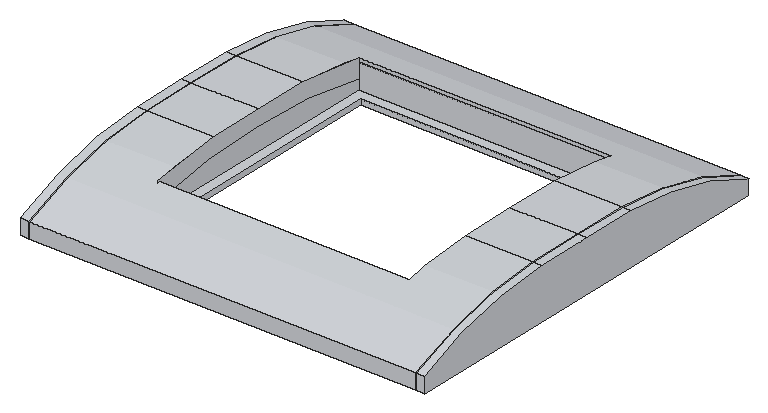
Revit family "Gira_0211806", category Electrical Fixtures, host Face, Revit 2017
Family settings
  Host = Face
  Maintain Annotation Orientation = No
  Round Connector Dimension = Use Diameter
  Part Type = Normal
  Cut with Voids When Loaded = No
  Shared = No
  Room Calculation Point = No
Parameters (values of type "Cov.fr. 1-g interm.fr. CAl Gira Event p.white")
  With mounting grid = "No"
  With hinged lid = "No"
  URL = "http://katalog.gira.de/en/datenblatt.html?artikelnr=0211806"
  Type of fastening = "Clamp mounting"
  Transparent = "No"
  Surface protection = "Other"
  Suitable for wall duct = "No"
  Suitable for flush-mounted installation = "Yes"
  Suitable for floor box = "No"
  Suitable for built-in installation = "No"
  Number of units vertical = "1"
  Number of units horizontal = "1"
  Number of units = "1"
  Name = "Cov.fr. 1-g interm.fr. CAl Gira Event p.white"
  Mounting direction = "Horizontal and vertical"
  Material quality = "Thermoplastic"
  Material = "Plastic"
  Manufacturer URL = "https://www.gira.de/"
  Manufacturer = "Gira"
  Label space/information surface = "No"
  Keynote = ""
  HeinzeBIM = "https://bimportal.heinze.de/bim/cov-fr-1-g-interm-fr-cal-gira-event-p-white/14c0e51d6b5685f31c60a47f2eb7ee49facf3d99"
  Halogen free = "Yes"
  HAN = "0211806"
  GTIN = "4010337070061"
  Description = "Cov.fr.1g i.fr.CAl Event PW,Gira Event frames,pure white glossy with colour aluminium intermediate frame,1-gang,Features:,- Shatter-proof."
  Degree of protection (IP) = "IP20"
  Default Elevation = 1219.2 mm
  Data sheet (1) = "https://katalog.gira.de/en/download.html?artikelnr=0211806"
  Colour = "White"
  Category = "Cover frame for domestic switching devices"
  BIM (1) = "https://media.stage.bim.site/public/gira/36a6b08/Event_Rahmen_1fach.rfa"
  Available = "No"
Reference planes
  plane 1 "Center (Front/Back)": y = 0
  plane 2: z = 0
  plane 3 "Center (Left/Right)": x = 0
Forms (mm)
  Extrusion 1, solid, detail levels fine
    sketch origin (0, 0, 1.55) x (0, 1, 0) y (0, 0, 1)
      loop
        arc (12.445, 9.683) -> (6.223, 9.833) -> (0, 9.85) r 291.636
        arc (0, 9.85) -> (-6.223, 9.833) -> (-12.445, 9.683) r 291.636
        arc (-12.445, 9.683) -> (-29.14, 7.482) -> (-45, 1.823) r 79.728
        line (-45, 1.823) -> (-45, -1.55) -> (-41.777, -1.55) -> (-41.777, -0.55)
        arc (-41.777, -0.55) -> (-21.205, 4.846) -> (0, 6.467) r 118.15
        arc (0, 6.467) -> (21.205, 4.846) -> (41.777, -0.55) r 118.15
        line (41.777, -0.55) -> (41.777, -1.55) -> (45, -1.55) -> (45, 1.823)
        arc (45, 1.823) -> (29.14, 7.482) -> (12.445, 9.683) r 79.728
    from -43 to 43
  Extrusion 2, void, detail levels fine
    sketch origin (0, 0, 0) x (1, 0, 0) y (0, 1, 0)
      loop
        line (-28, -28) -> (28, -28) -> (28, 28) -> (-28, 28) -> (-28, -28)
    from 2.85 to 12
  Extrusion 3, solid, detail levels coarse
    sketch origin (0, 0, 0) x (1, 0, 0) y (0, 1, 0)
      loop
        line (-45, 45) -> (-45, -45) -> (45, -45) -> (45, 45) -> (-45, 45)
    from 0 to 11.4
  Extrusion 4, solid, detail levels medium
    sketch origin (0, 0, 1.55) x (0, 1, 0) y (0, 0, 1)
      loop
        arc (12.445, 9.683) -> (6.223, 9.833) -> (0, 9.85) r 291.636
        arc (0, 9.85) -> (-6.223, 9.833) -> (-12.445, 9.683) r 291.636
        arc (-12.445, 9.683) -> (-29.14, 7.482) -> (-45, 1.823) r 79.728
        line (-45, 1.823) -> (-45, -1.55) -> (45, -1.55) -> (45, 1.823)
        arc (45, 1.823) -> (29.14, 7.482) -> (12.445, 9.683) r 79.728
    from -45 to 45
  Extrusion 5, solid, detail levels fine
    sketch origin (0, 0, 0) x (0, 1, 0) y (0, 0, 1)
      loop
        arc (45, 3.373) -> (29.14, 9.032) -> (12.445, 11.233) r 79.728
        arc (12.445, 11.233) -> (6.223, 11.383) -> (0, 11.4) r 291.636
        arc (0, 11.4) -> (-6.223, 11.383) -> (-12.445, 11.233) r 291.636
        arc (-12.445, 11.233) -> (-29.14, 9.032) -> (-45, 3.373) r 79.728
        line (-45, 3.373) -> (-45, 0) -> (45, 0) -> (45, 3.373)
    from 43 to 45
  Extrusion 6, solid, detail levels fine
    sketch origin (0, 0, 0) x (0, 1, 0) y (0, 0, -1)
      loop
        line (45, -3.373) -> (45, 0) -> (-45, 0) -> (-45, -3.373)
        arc (-45, -3.373) -> (-29.14, -9.032) -> (-12.445, -11.233) r 79.728
        arc (-12.445, -11.233) -> (-6.223, -11.383) -> (0, -11.4) r 291.636
        arc (0, -11.4) -> (6.223, -11.383) -> (12.445, -11.233) r 291.636
        arc (12.445, -11.233) -> (29.14, -9.032) -> (45, -3.373) r 79.728
    from 43 to 45
  Extrusion 7, solid, detail levels fine
    sketch origin (0, 0, 0) x (1, 0, 0) y (0, 1, 0)
      loop
        line (-25.7, 25.7) -> (-25.7, -25.7) -> (25.7, -25.7) -> (25.7, 25.7) -> (-25.7, 25.7)
      loop
        line (-29.495, 27.895) -> (-29.495, -27.895)
        spline (-29.495, -27.895) -> (-29.486, -28.025) -> (-29.461, -28.154) -> (-29.419, -28.278) -> (-29.361, -28.395) -> (-29.288, -28.504) -> (-29.202, -28.602) -> (-29.104, -28.688) -> (-28.995, -28.761) -> (-28.878, -28.819) -> (-28.754, -28.861) -> (-28.625, -28.886) -> (-28.495, -28.895)
        line (-28.495, -28.895) -> (28.495, -28.895)
        spline (28.495, -28.895) -> (28.625, -28.886) -> (28.754, -28.861) -> (28.878, -28.819) -> (28.995, -28.761) -> (29.104, -28.688) -> (29.202, -28.602) -> (29.288, -28.504) -> (29.361, -28.395) -> (29.419, -28.278) -> (29.461, -28.154) -> (29.486, -28.025) -> (29.495, -27.895)
        line (29.495, -27.895) -> (29.495, 27.895)
        spline (29.495, 27.895) -> (29.486, 28.025) -> (29.461, 28.154) -> (29.419, 28.278) -> (29.361, 28.395) -> (29.288, 28.504) -> (29.202, 28.602) -> (29.104, 28.688) -> (28.995, 28.761) -> (28.878, 28.819) -> (28.754, 28.861) -> (28.625, 28.886) -> (28.495, 28.895)
        line (28.495, 28.895) -> (-28.495, 28.895)
        spline (-28.495, 28.895) -> (-28.625, 28.886) -> (-28.754, 28.861) -> (-28.878, 28.819) -> (-28.995, 28.761) -> (-29.104, 28.688) -> (-29.202, 28.602) -> (-29.288, 28.504) -> (-29.361, 28.395) -> (-29.419, 28.278) -> (-29.461, 28.154) -> (-29.486, 28.025) -> (-29.495, 27.895)
    from 1.673 to 8.5
Cuts and joins
  Extrusion 2 cuts Extrusion 1
  Extrusion 2 cuts Extrusion 7
Dimensions and locks
  aligned and locked: plane 2 to host face
  aligned and locked: level to host face
